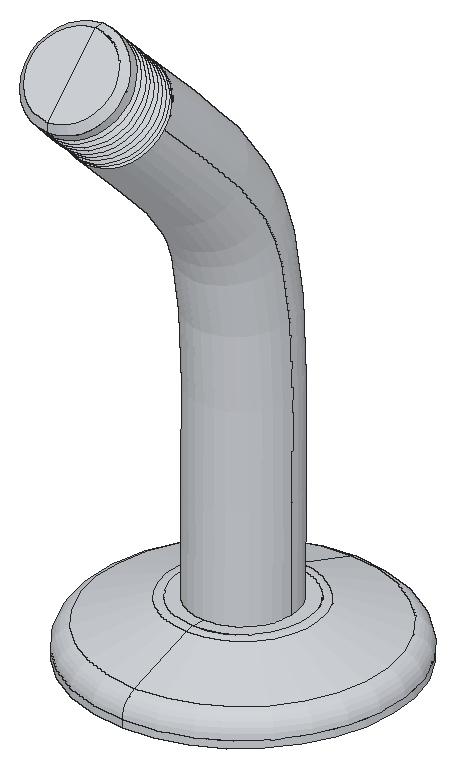
Revit family "Shower-Showerarm-KOHLER-K-11626T_1", category Plumbing Fixtures, host Face, Revit 2017
Family settings
  Host = Face
  Round Connector Dimension = Use Diameter
  Part Type = Normal
  OmniClass Number = 23.40.20.21
  OmniClass Title = Toilet and Bath Specialties
  Cut with Voids When Loaded = No
  Shared = No
  Room Calculation Point = No
Parameters (values of type "CP-Polished Chrome")
  Width = 2.51969"  # constant formula
  WaterSense Certified = 1 = 0  # no
  Waste Water Outlet = "Waste Water Outlet"  # constant formula
  Waste Connection = 1 = 0  # no
  Vent Connection = 1 = 0  # no
  URL = "https://www.kohler.com.cn/"
  Type = 1
  Tempered water inlet = "Tempered Water Inlet"  # constant formula
  Product Page URL = "https://www.kohler.com.cn/en/product/K-11626T-CP/K-11626T-CP/"
  Product Name = ""
  Product Documentation Link = "https://files.kohler.com.cn/pdfs/k_11626t.pdf"
  Pressure = 0.00 psi
  Panel Thickness = 0"
  Model = if(Type = 1, "K-11626T-CP", if(Type = 2, "K-11626T-AF", if(Type = 3, "K-11626T-SN", "NA")))  # "K-11626T-CP"
  Material = "Premium Metal Construction"  # constant formula
  Master Format 2014 Name = "Residential Showers"  # constant formula
  Master Format 2014 = "22 42 23"  # constant formula
  Manufacturer Address = "Kohler Beijing Office (100016)36-2-03-B, No. 88, Liuxiang Road, Beijing"  # constant formula
  Manufacturer = "KOHLER Co."  # constant formula
  Length = 5.55118"  # constant formula
  Hot Water Inlet = "Hot Water Inlet"  # constant formula
  Height = 2.51969"  # constant formula
  HW Connection = 1 = 1  # yes
  Flow Rate = 0 GPM
  Finish = Kohler-Metal-CP-Polished_Chrome
  Environmental Product Declaration = ""
  Drain Included = 1 = 0  # no
  Description = "SHOWER ARM W/ROUND FLANGE"  # constant formula
  Default Elevation = 72"
  Declare Label = ""
  Date Modified = "09/16/2020"  # constant formula
  Date Created = "09/16/2020"  # constant formula
  Copyright = "Copyright KOHLER Co."  # constant formula
  Contact Us = "http://www.kohler.com.cn/contact/contact-us/"
  Cold Water Inlet = "Cold Water Inlet"  # constant formula
  CW Connection = 1 = 0  # no
  Assembly Code = "D2010700"
  ADA Compliant = 1 = 0  # no
Types (4): name | Type | Product Page URL | Model | Finish
  (no name) | 1 | "https://www.kohler.com.cn/en/product/K-11626T-CP/K-11626T-CP/" | "K-11626T-CP" | Kohler-Metal-CP-Polished_Chrome
  CP-Polished Chrome | 1 | "https://www.kohler.com.cn/en/product/K-11626T-CP/K-11626T-CP/" | "K-11626T-CP" | Kohler-Metal-CP-Polished_Chrome
  AF-French Gold | 2 | "https://www.kohler.com.cn/en/product/K-11626T-CP/K-11626T-AF/" | "K-11626T-AF" | Kohler-Metal-AF-Vibrant_French_Gold
  SN-Polished Nickel | 3 | "https://www.kohler.com.cn/en/product/K-11626T-CP/K-11626T-SN/" | "K-11626T-SN" | Kohler-Metal-SN-Vibrant_Polished_Nickel
Reference planes (in)
  plane 1 "Center (Front/Back)": y = 0
  plane 2: z = 0
  plane 3 "Center (Left/Right)": x = 0
  plane 4: z = 5.55118
  plane 5: x = 1.26493
  plane 6: x = -1.25475
  plane 7: y = 1.26498
  plane 8: y = -1.25471
  plane 9: y = -1.79709
  plane 10: y = 0.4064
  plane 11: y = -0.41255
  plane 12: y = -2.04458
  plane 13: z = 0.44
  plane 14: x = 0.40944
  plane 15: x = -0.40944
  plane 16: z = 5.79867
Dimensions and locks (in)
  "Width": plane 6 to plane 5
  "Height": plane 8 to plane 7
  plane 1 "Center (Front/Back)" to plane 9 = 1.79709"
  "Length": plane 4 to level
  aligned and locked: plane 2 to host face
  aligned and locked: level to host face
Automatic sketch dimensions
  host sketch curve to host sketch curve = 96"  (x2)
Nested families (in)
  nested 1: "K-11626T" at (0, 0, 0), type "K-11626T"
Connectors (in)
  piping at (0, 0, 0), diameter 0.5, driven by "HW Connection", driven by "Tempered water inlet", driven by "Flow Rate"
    settings: on nested 1, index 1, connector inside diameter 24", connector length 0", flow factor 0, pipe flow 0 GPM, pressure drop 0.00 psi, fitting loss kfactor 0, connector angle 0.00°, fixture units 0, engagement length 0", angle of deflection 0.00°, flow configuration 0, flow direction 1, fitting loss method 0, system type 19, joint type 0, gender type 0, connector reference index -1, connector utility 1, adjustable connector no, is connector primary yes, connector description "Tempered Water Inlet"
Definition of nested family "K-11626T"
  Parameters (values of type "K-11626T")
    Material = none
  Reference planes (in)
    plane 1 "Center (Front/Back)": y = 0
    plane 2: z = 0
    plane 3 "Center (Left/Right)": x = 0
    plane 4: y = -1.79709
    plane 5: z = 5.14171
    plane 6: y = 1.26498
    plane 7: y = -1.26498
    plane 8: z = 0.24398
    plane 9: z = 0.44
    plane 10: z = 5.55118
  Forms (in)
    Revolve 1, solid, material <- "Material", detail levels medium+fine
      sketch origin (0, 0, 0) x (0, 1, 0) y (0, 0, 1)
        loop
          line (0, 0) -> (1.26498, 0) -> (1.26498, 0.05997)
          arc (1.26498, 0.05997) -> (1.22916, 0.17114) -> (1.13518, 0.24049) r 0.19043
          arc (1.13518, 0.24049) -> (0.86335, 0.33305) -> (0.5923, 0.42788) r 34.48646
          arc (0.5923, 0.42788) -> (0.55758, 0.43695) -> (0.52182, 0.44) r 0.21094
          line (0.52182, 0.44) -> (0, 0.44) -> (0, 0)
        axis (0, 0) -> (0, 0.44)
      angle from 0 to 360
    Sweep 2, solid, material <- "Material", detail levels medium+fine
      path origin (0, 0, 0) x (0, 1, 0) y (0, 0, 1)
        loop
          spline (-1.32877, 4.67339) -> (-1.02505, 4.37506) -> (-0.7604, 4.1152) -> (-0.53551, 3.87745) -> (-0.35105, 3.64542) -> (-0.20769, 3.40274) -> (-0.10589, 3.1332) -> (-0.04165, 2.82403) -> (-0.00707, 2.46545) -> (0.00585, 2.0478) -> (0.00515, 1.56139) -> (-0.00116, 0.99657) -> (-0.00504, 0.34367)
      profile origin (0, -0.10589, 3.1332) x (0, 0.961914, 0.273353) y (1, 0, 0)
        loop
          circle (0, 0) r 0.40945
    Revolve 3, solid, material <- "Material", detail levels medium+fine
      sketch origin (0, 0, 0) x (0, 1, 0) y (0, 0, 1)
        loop
          line (-1.79709, 5.14171) -> (-2.04458, 4.89422) -> (-2.04458, 4.81491) -> (-1.98578, 4.75612) -> (-1.92763, 4.77728) -> (-1.9444, 4.71473) -> (-1.87146, 4.72111) -> (-1.89263, 4.66296) -> (-1.83189, 4.68153) -> (-1.85305, 4.62338) -> (-1.79231, 4.64196) -> (-1.80907, 4.5794) -> (-1.74833, 4.59797) -> (-1.76509, 4.53542) -> (-1.70435, 4.55399) -> (-1.72111, 4.49144) -> (-1.66037, 4.51001) -> (-1.67713, 4.44746) -> (-1.62685, 4.47649) -> (-1.64361, 4.41394) -> (-1.56983, 4.43234) -> (-1.32877, 4.67339) -> (-1.79709, 5.14171)
        axis (-1.32877, 4.67339) -> (-1.79709, 5.14171)
      angle from 0 to 360
    Extrusion 4, solid, material <- "Material", detail levels coarse
      sketch origin (0, 0, 0) x (1, 0, 0) y (0, 1, 0)
        loop
          arc (-0.06324, -1.2634) -> (1.26458, -0.03163) -> (0, 1.26498) r 1.26498
          arc (0, 1.26498) -> (-1.26458, 0.03163) -> (-0.06324, -1.2634) r 1.26498
      from 0 to 0.44
    Sweep 5, solid, material <- "Material", detail levels coarse
      path origin (0, 0, 0) x (0, 1, 0) y (0, 0, 1)
        loop
          spline (0, 0.35407) -> (0.00626, 1.1485) -> (0.0167, 1.75544) -> (0.01886, 2.22102) -> (0.00024, 2.59138) -> (-0.05097, 2.91029) -> (-0.14074, 3.20007) -> (-0.27191, 3.47167) -> (-0.44731, 3.73596) -> (-0.67098, 4.00548) -> (-0.95738, 4.307) -> (-1.32618, 4.67442) -> (-1.79709, 5.14171)
      profile origin (0, -0.14074, 3.20007) x (0, -0.930248, -0.36693) y (1, 0, 0)
        loop
          circle (0, 0) r 0.44127
    Extrusion 6, solid, material <- "Material", detail levels medium+fine
      sketch origin (0, 0, 0) x (1, 0, 0) y (0, 1, 0)
        loop
          circle (0, 0) r 0.11752
      from 0 to 0.06019
  Cuts and joins
    joined: Revolve 1, Sweep 2
    joined: Extrusion 4, Sweep 5
  Lines and regions (in)
    Masking region 1
      outline origin (0, 0, 0) x (0, 1, 0) y (0, 0, 1)
        loop
          line (1.26498, 0) -> (1.26498, 0.06028)
          arc (1.26498, 0.06028) -> (1.22954, 0.17059) -> (1.13648, 0.23961) r 0.18938
          arc (1.13648, 0.23961) -> (0.86374, 0.33308) -> (0.59153, 0.42812) r 50.10301
          arc (0.59153, 0.42812) -> (0.5559, 0.43707) -> (0.51935, 0.44084) r 0.2567
          line (0.51935, 0.44084) -> (0.4064, 0.44084) -> (0.4064, 2.89493)
          arc (0.4064, 2.89493) -> (0.21333, 3.85002) -> (-0.33556, 4.65512) r 2.45887
          line (-0.33556, 4.65512) -> (-1.04163, 5.37001) -> (-1.08772, 5.32392) -> (-1.07586, 5.39116) -> (-1.13187, 5.38094) -> (-1.10284, 5.43122) -> (-1.13277, 5.42371) -> (-1.13992, 5.46294) -> (-1.19248, 5.46294) -> (-1.16656, 5.49494) -> (-1.19081, 5.51918) -> (-1.2553, 5.50299) -> (-1.21496, 5.54333) -> (-1.24246, 5.57084) -> (-1.29734, 5.5464) -> (-1.26901, 5.59739) -> (-1.29379, 5.62216) -> (-1.33691, 5.58598) -> (-1.31834, 5.64672) -> (-1.34206, 5.67044) -> (-1.37585, 5.63291) -> (-1.37011, 5.69849) -> (-1.39508, 5.72346) -> (-1.43266, 5.68173) -> (-1.4115, 5.73987) -> (-1.47029, 5.79867) -> (-1.5496, 5.79867) -> (-1.79709, 5.55118) -> (-2.04458, 5.30369) -> (-2.04458, 5.22438) -> (-1.98578, 5.16559) -> (-1.92763, 5.18675) -> (-1.96937, 5.14917) -> (-1.9444, 5.1242) -> (-1.87882, 5.12994) -> (-1.91635, 5.09615) -> (-1.89263, 5.07243) -> (-1.83189, 5.091) -> (-1.86807, 5.04788) -> (-1.84329, 5.0231) -> (-1.79231, 5.05143) -> (-1.81674, 4.99655) -> (-1.78924, 4.96905) -> (-1.7489, 5.00939) -> (-1.76509, 4.9449) -> (-1.74085, 4.92066) -> (-1.70884, 4.94657) -> (-1.70884, 4.89401) -> (-1.66962, 4.88686) -> (-1.67713, 4.85694) -> (-1.62685, 4.88597) -> (-1.63707, 4.82995) -> (-1.56983, 4.84181) -> (-1.61592, 4.79572) -> (-0.88473, 4.06454)
          arc (-0.88473, 4.06454) -> (-0.53475, 3.52567) -> (-0.41214, 2.89493) r 1.6836
          line (-0.41214, 2.89493) -> (-0.41214, 0.44) -> (-0.53361, 0.44)
          arc (-0.53361, 0.44) -> (-0.56292, 0.43573) -> (-0.59153, 0.42812) r 0.2567
          arc (-0.59153, 0.42812) -> (-0.86374, 0.33308) -> (-1.13648, 0.23961) r 50.10301
          arc (-1.13648, 0.23961) -> (-1.22954, 0.17059) -> (-1.26498, 0.06028) r 0.18938
          line (-1.26498, 0.06028) -> (-1.26498, 0) -> (1.26498, 0)
    Masking region 2
      outline origin (0, 0, 0) x (1, 0, 0) y (0, 1, 0)
        loop
          arc (0.40608, -1.19803) -> (1.24813, 0.20578) -> (0, 1.26498) r 1.26498
          arc (0, 1.26498) -> (-1.24813, 0.20578) -> (-0.40608, -1.19803) r 1.26498
          line (-0.40608, -1.19803) -> (-0.40608, -1.75743)
          spline (-0.40608, -1.75743) -> (-0.40261, -1.79491) -> (-0.39224, -1.83175) -> (-0.37517, -1.86732) -> (-0.35168, -1.90101) -> (-0.32217, -1.93224) -> (-0.28714, -1.96048) -> (-0.24721, -1.98524) -> (-0.20304, -2.00611) -> (-0.1554, -2.02272) -> (-0.1051, -2.03479) -> (-0.053, -2.04212) -> (0, -2.04458)
          spline (0, -2.04458) -> (0.053, -2.04212) -> (0.1051, -2.03479) -> (0.1554, -2.02272) -> (0.20304, -2.00611) -> (0.24721, -1.98524) -> (0.28714, -1.96048) -> (0.32217, -1.93224) -> (0.35168, -1.90101) -> (0.37517, -1.86732) -> (0.39224, -1.83175) -> (0.40261, -1.79491) -> (0.40608, -1.75743)
          line (0.40608, -1.75743) -> (0.40608, -1.19803)
    Masking region 3
      outline origin (0, 0, 0) x (1, 0, 0) y (0, 0, 1)
        loop
          line (-1.26493, 0) -> (1.26493, 0) -> (1.26493, 0.06047)
          arc (1.26493, 0.06047) -> (1.22519, 0.17657) -> (1.12264, 0.24398) r 0.18949
          arc (1.12264, 0.24398) -> (0.86325, 0.33534) -> (0.60261, 0.42304) r 19.5699
          arc (0.60261, 0.42304) -> (0.55609, 0.43774) -> (0.50736, 0.44) r 0.18848
          line (0.50736, 0.44) -> (0.40944, 0.44) -> (0.40944, 5.51153)
          arc (0.40944, 5.51153) -> (0.39514, 5.57861) -> (0.36353, 5.63949) r 0.25586
          spline (0.36353, 5.63949) -> (0.34528, 5.66266) -> (0.32408, 5.68455) -> (0.30012, 5.70495) -> (0.2736, 5.72371) -> (0.24474, 5.74066) -> (0.21379, 5.75565) -> (0.18102, 5.76856) -> (0.14671, 5.77927) -> (0.11114, 5.7877) -> (0.07462, 5.79378) -> (0.03747, 5.79744) -> (0, 5.79867)
          spline (0, 5.79867) -> (-0.03747, 5.79744) -> (-0.07462, 5.79378) -> (-0.11114, 5.7877) -> (-0.14671, 5.77927) -> (-0.18102, 5.76856) -> (-0.21379, 5.75565) -> (-0.24474, 5.74066) -> (-0.2736, 5.72371) -> (-0.30012, 5.70495) -> (-0.32408, 5.68455) -> (-0.34528, 5.66266) -> (-0.36353, 5.63949)
          arc (-0.36353, 5.63949) -> (-0.39514, 5.57861) -> (-0.40944, 5.51153) r 0.25586
          line (-0.40944, 5.51153) -> (-0.40944, 0.44) -> (-0.50736, 0.44)
          arc (-0.50736, 0.44) -> (-0.55609, 0.43774) -> (-0.60261, 0.42304) r 0.18848
          arc (-0.60261, 0.42304) -> (-0.86325, 0.33534) -> (-1.12264, 0.24398) r 19.5699
          arc (-1.12264, 0.24398) -> (-1.22519, 0.17657) -> (-1.26493, 0.06047) r 0.18949
          line (-1.26493, 0.06047) -> (-1.26493, 0)
    symbolic lines, detail levels medium+fine
      curve 1: line (0, -1.1236, 0.24398) -> (0, 1.1236, 0.24398)
      curve 2: line (0, 0.4064, 0.44084) -> (0, -0.41214, 0.44084)
      curve 3: arc (-0.40608, -0.30415, 0) -> (-0.45372, 0.22704, 0) -> (0, 0.50736, 0) r 0.50736
      curve 4: arc (0, 0.50736, 0) -> (0.45372, 0.22704, 0) -> (0.40608, -0.30415, 0) r 0.50736
      curve 5: arc (0.40608, 0, 0) -> (0, 0.40608, 0) -> (-0.40608, 0, 0) r 0.40608
      curve 6: line (-0.40608, 0, 0) -> (-0.40608, -1.19803, 0)
      curve 7: line (0.40608, 0, 0) -> (0.40608, -1.19803, 0)
      curve 8: spline (0, -1.5496, 0) -> (-0.09059, -1.55804, 0) -> (-0.175, -1.58276, 0) -> (-0.24749, -1.62209, 0) -> (-0.30311, -1.67335, 0) -> (-0.33807, -1.73304, 0) -> (-0.35, -1.79709, 0) -> (-0.33807, -1.86114, 0) -> (-0.30311, -1.92083, 0) -> (-0.24749, -1.97209, 0) -> (-0.175, -2.01142, 0) -> (-0.09059, -2.03614, 0) -> (0, -2.04458, 0)
      curve 9: spline (0, -2.04458, 0) -> (0.09059, -2.03614, 0) -> (0.175, -2.01142, 0) -> (0.24749, -1.97209, 0) -> (0.30311, -1.92083, 0) -> (0.33807, -1.86114, 0) -> (0.35, -1.79709, 0) -> (0.33807, -1.73304, 0) -> (0.30311, -1.67335, 0) -> (0.24749, -1.62209, 0) -> (0.175, -1.58276, 0) -> (0.09059, -1.55804, 0) -> (0, -1.5496, 0)
      curve 10: spline (0.40503, -1.67795, 0) -> (0.39823, -1.64243, 0) -> (0.38522, -1.60779, 0) -> (0.36622, -1.57457, 0) -> (0.34151, -1.54328, 0) -> (0.31148, -1.51441, 0) -> (0.2766, -1.48841, 0) -> (0.23741, -1.46568, 0) -> (0.19453, -1.44659, 0) -> (0.14861, -1.43142, 0) -> (0.10038, -1.42041, 0) -> (0.05058, -1.41373, 0) -> (0, -1.4115, 0)
      curve 11: spline (0.40503, -1.67795, 0) -> (0.40523, -1.63866, 0) -> (0.39785, -1.59973, 0) -> (0.38302, -1.56187, 0) -> (0.36103, -1.5258, 0) -> (0.33228, -1.49219, 0) -> (0.29731, -1.46166, 0) -> (0.25678, -1.4348, 0) -> (0.21144, -1.4121, 0) -> (0.16214, -1.39399, 0) -> (0.10981, -1.38081, 0) -> (0.05542, -1.3728, 0) -> (0, -1.37011, 0)
      curve 12: spline (0.40489, -1.54392, 0) -> (0.39789, -1.50853, 0) -> (0.38473, -1.47404, 0) -> (0.36562, -1.44096, 0) -> (0.34085, -1.40982, 0) -> (0.31079, -1.3811, 0) -> (0.27593, -1.35524, 0) -> (0.23679, -1.33264, 0) -> (0.19399, -1.31365, 0) -> (0.14818, -1.29857, 0) -> (0.10008, -1.28762, 0) -> (0.05043, -1.28099, 0) -> (0, -1.27877, 0)
      curve 13: spline (0.40443, -1.63137, 0) -> (0.40561, -1.59166, 0) -> (0.39903, -1.55222, 0) -> (0.38482, -1.5138, 0) -> (0.36325, -1.47713, 0) -> (0.33473, -1.44292, 0) -> (0.29981, -1.41181, 0) -> (0.25915, -1.38441, 0) -> (0.21353, -1.36124, 0) -> (0.16383, -1.34275, 0) -> (0.11099, -1.32928, 0) -> (0.05603, -1.32109, 0) -> (0, -1.31834, 0)
      curve 14: spline (0.40489, -1.54392, 0) -> (0.40534, -1.50453, 0) -> (0.39815, -1.46547, 0) -> (0.38348, -1.42747, 0) -> (0.36159, -1.39125, 0) -> (0.33289, -1.35749, 0) -> (0.29794, -1.32682, 0) -> (0.25737, -1.29982, 0) -> (0.21196, -1.277, 0) -> (0.16256, -1.2588, 0) -> (0.1101, -1.24554, 0) -> (0.05558, -1.23749, 0) -> (0, -1.23479, 0)
      curve 15: spline (0.40489, -1.45596, 0) -> (0.39789, -1.42057, 0) -> (0.38473, -1.38608, 0) -> (0.36562, -1.353, 0) -> (0.34085, -1.32186, 0) -> (0.31079, -1.29314, 0) -> (0.27593, -1.26728, 0) -> (0.23679, -1.24468, 0) -> (0.19399, -1.22569, 0) -> (0.14818, -1.21061, 0) -> (0.10008, -1.19966, 0) -> (0.05043, -1.19303, 0) -> (0, -1.19081, 0)
      curve 16: spline (0.40489, -1.45596, 0) -> (0.40534, -1.41657, 0) -> (0.39815, -1.37751, 0) -> (0.38348, -1.33951, 0) -> (0.36159, -1.30329, 0) -> (0.33289, -1.26952, 0) -> (0.29794, -1.23886, 0) -> (0.25737, -1.21186, 0) -> (0.21196, -1.18904, 0) -> (0.16256, -1.17084, 0) -> (0.1101, -1.15758, 0) -> (0.05558, -1.14953, 0) -> (0, -1.14682, 0)
      curve 17: spline (0.40539, -1.37323, 0) -> (0.39919, -1.33733, 0) -> (0.38667, -1.30226, 0) -> (0.36801, -1.26859, 0) -> (0.34351, -1.23685, 0) -> (0.31356, -1.20753, 0) -> (0.27864, -1.18111, 0) -> (0.23929, -1.158, 0) -> (0.19616, -1.13857, 0) -> (0.14991, -1.12313, 0) -> (0.10128, -1.11192, 0) -> (0.05104, -1.10512, 0) -> (0, -1.10284, 0)
      curve 18: arc (0, -1.04163, 0) -> (-0.15261, -1.05865, 0) -> (-0.29105, -1.12509, 0) r 0.45855
      curve 19: arc (-0.29105, -1.12509, 0) -> (-0.3452, -1.17514, 0) -> (-0.3846, -1.23747, 0) r 0.28346
      curve 20: spline (0, -1.06932, 0) -> (-0.04499, -1.06884, 0) -> (-0.08962, -1.0721, 0) -> (-0.13335, -1.07905, 0) -> (-0.17563, -1.08963, 0) -> (-0.21595, -1.10369, 0) -> (-0.25381, -1.12106, 0) -> (-0.28875, -1.14154, 0) -> (-0.32033, -1.16486, 0) -> (-0.34818, -1.19074, 0) -> (-0.37193, -1.21887, 0) -> (-0.39131, -1.24889, 0) -> (-0.40608, -1.28045, 0)
      curve 21: spline (0, -1.10284, 0) -> (-0.05558, -1.10555, 0) -> (-0.1101, -1.1136, 0) -> (-0.16256, -1.12686, 0) -> (-0.21196, -1.14506, 0) -> (-0.25737, -1.16788, 0) -> (-0.29794, -1.19488, 0) -> (-0.33289, -1.22554, 0) -> (-0.36159, -1.25931, 0) -> (-0.38348, -1.29553, 0) -> (-0.39815, -1.33353, 0) -> (-0.40534, -1.37259, 0) -> (-0.40489, -1.41198, 0)
      curve 22: spline (0, -1.14682, 0) -> (-0.05558, -1.14953, 0) -> (-0.1101, -1.15758, 0) -> (-0.16256, -1.17084, 0) -> (-0.21196, -1.18904, 0) -> (-0.25737, -1.21186, 0) -> (-0.29794, -1.23886, 0) -> (-0.33289, -1.26952, 0) -> (-0.36159, -1.30329, 0) -> (-0.38348, -1.33951, 0) -> (-0.39815, -1.37751, 0) -> (-0.40534, -1.41657, 0) -> (-0.40489, -1.45596, 0)
      curve 23: spline (0, -1.19081, 0) -> (-0.05043, -1.19303, 0) -> (-0.10008, -1.19966, 0) -> (-0.14818, -1.21061, 0) -> (-0.19399, -1.22569, 0) -> (-0.23679, -1.24468, 0) -> (-0.27593, -1.26728, 0) -> (-0.31079, -1.29314, 0) -> (-0.34085, -1.32186, 0) -> (-0.36562, -1.353, 0) -> (-0.38473, -1.38608, 0) -> (-0.39789, -1.42057, 0) -> (-0.40489, -1.45596, 0)
      curve 24: spline (-0.40503, -1.67795, 0) -> (-0.39823, -1.64243, 0) -> (-0.38522, -1.60779, 0) -> (-0.36622, -1.57457, 0) -> (-0.34151, -1.54328, 0) -> (-0.31148, -1.51441, 0) -> (-0.2766, -1.48841, 0) -> (-0.23741, -1.46568, 0) -> (-0.19453, -1.44659, 0) -> (-0.14861, -1.43142, 0) -> (-0.10038, -1.42041, 0) -> (-0.05058, -1.41373, 0) -> (0, -1.4115, 0)
      curve 25: spline (-0.40503, -1.67795, 0) -> (-0.40523, -1.63866, 0) -> (-0.39785, -1.59973, 0) -> (-0.38302, -1.56187, 0) -> (-0.36103, -1.5258, 0) -> (-0.33228, -1.49219, 0) -> (-0.29731, -1.46166, 0) -> (-0.25678, -1.4348, 0) -> (-0.21144, -1.4121, 0) -> (-0.16214, -1.39399, 0) -> (-0.10981, -1.38081, 0) -> (-0.05542, -1.3728, 0) -> (0, -1.37011, 0)
      curve 26: spline (-0.40489, -1.54392, 0) -> (-0.39789, -1.50853, 0) -> (-0.38473, -1.47404, 0) -> (-0.36562, -1.44096, 0) -> (-0.34085, -1.40982, 0) -> (-0.31079, -1.3811, 0) -> (-0.27593, -1.35524, 0) -> (-0.23679, -1.33264, 0) -> (-0.19399, -1.31365, 0) -> (-0.14818, -1.29857, 0) -> (-0.10008, -1.28762, 0) -> (-0.05043, -1.28099, 0) -> (0, -1.27877, 0)
      curve 27: spline (-0.40443, -1.63137, 0) -> (-0.40561, -1.59166, 0) -> (-0.39903, -1.55222, 0) -> (-0.38482, -1.5138, 0) -> (-0.36325, -1.47713, 0) -> (-0.33473, -1.44292, 0) -> (-0.29981, -1.41181, 0) -> (-0.25915, -1.38441, 0) -> (-0.21353, -1.36124, 0) -> (-0.16383, -1.34275, 0) -> (-0.11099, -1.32928, 0) -> (-0.05603, -1.32109, 0) -> (0, -1.31834, 0)
      curve 28: spline (-0.40489, -1.54392, 0) -> (-0.40534, -1.50453, 0) -> (-0.39815, -1.46547, 0) -> (-0.38348, -1.42747, 0) -> (-0.36159, -1.39125, 0) -> (-0.33289, -1.35749, 0) -> (-0.29794, -1.32682, 0) -> (-0.25737, -1.29982, 0) -> (-0.21196, -1.277, 0) -> (-0.16256, -1.2588, 0) -> (-0.1101, -1.24554, 0) -> (-0.05558, -1.23749, 0) -> (0, -1.23479, 0)
      curve 29: arc (0, -1.47029, 0) -> (0.25501, -1.5302, 0) -> (0.40608, -1.7442, 0) r 0.36917
      curve 30: arc (0, -1.47029, 0) -> (-0.25501, -1.5302, 0) -> (-0.40608, -1.7442, 0) r 0.36917
      curve 31: line (0.40944, 0, 0.44) -> (-0.40952, 0, 0.44)
      curve 32: arc (0.40608, -1.02968, 0) -> (0, 1.10686, 0) -> (-0.40608, -1.02968, 0) r 1.10686
      curve 33: arc (0, -1.04163, 0) -> (0.15261, -1.05865, 0) -> (0.29105, -1.12509, 0) r 0.45855
      curve 34: arc (0.29105, -1.12509, 0) -> (0.3452, -1.17514, 0) -> (0.3846, -1.23747, 0) r 0.28346
      curve 35: spline (0, -1.06932, 0) -> (0.04499, -1.06884, 0) -> (0.08962, -1.0721, 0) -> (0.13335, -1.07905, 0) -> (0.17563, -1.08963, 0) -> (0.21595, -1.10369, 0) -> (0.25381, -1.12106, 0) -> (0.28875, -1.14154, 0) -> (0.32033, -1.16486, 0) -> (0.34818, -1.19074, 0) -> (0.37193, -1.21887, 0) -> (0.39131, -1.24889, 0) -> (0.40608, -1.28045, 0)
      curve 36: line (1.12264, 0, 0.24398) -> (-1.12264, 0, 0.24398)
      curve 37: line (0, -1.47029, 5.79867) -> (0, -2.04458, 5.22438)
      curve 38: line (0, -1.4115, 5.73987) -> (0, -1.98578, 5.16559)
      curve 39: line (0, -1.43266, 5.68173) -> (0, -1.92763, 5.18675)
      curve 40: line (0, -1.37011, 5.69849) -> (0, -1.9444, 5.1242)
      curve 41: line (0, -1.37585, 5.63291) -> (0, -1.87882, 5.12994)
      curve 42: line (0, -1.31834, 5.64672) -> (0, -1.89263, 5.07243)
      curve 43: line (0, -1.33691, 5.58598) -> (0, -1.83189, 5.091)
      curve 44: line (0, -1.29734, 5.5464) -> (0, -1.79231, 5.05143)
      curve 45: line (0, -1.25865, 5.50215) -> (0, -1.7489, 5.00939)
      curve 46: line (0, -1.19081, 5.51918) -> (0, -1.76509, 4.9449)
      curve 47: line (0, -1.13992, 5.46294) -> (0, -1.70884, 4.89401)
      curve 48: line (0, -1.13277, 5.42371) -> (0, -1.66962, 4.88686)
      curve 49: line (0, -1.13187, 5.38094) -> (0, -1.62685, 4.88597)
      curve 50: line (0, -1.07586, 5.39116) -> (0, -1.63707, 4.82995)
      curve 51: line (0, -1.61592, 4.79572) -> (0, -1.04163, 5.37001)
      curve 52: line (0, -1.19232, 5.4631) -> (0, -1.70884, 4.94657)
      curve 53: spline (0.40608, 0, 5.08287) -> (0.40607, 0, 5.08542) -> (0.40602, 0, 5.08798) -> (0.40594, 0, 5.09053) -> (0.40582, 0, 5.09309) -> (0.40568, 0, 5.09564) -> (0.4055, 0, 5.09819) -> (0.40529, 0, 5.10074) -> (0.40505, 0, 5.10329) -> (0.40478, 0, 5.10584) -> (0.40447, 0, 5.10839) -> (0.40414, 0, 5.11093) -> (0.40377, 0, 5.11347)
      curve 54: spline (0.40503, 0, 5.43204) -> (0.40523, 0, 5.47132) -> (0.39785, 0, 5.51025) -> (0.38302, 0, 5.54811) -> (0.36103, 0, 5.58418) -> (0.33228, 0, 5.61779) -> (0.29731, 0, 5.64832) -> (0.25678, 0, 5.67518) -> (0.21144, 0, 5.69788) -> (0.16214, 0, 5.71599) -> (0.10981, 0, 5.72918) -> (0.05542, 0, 5.73719) -> (0, 0, 5.73987)
      curve 55: spline (0.40503, 0, 5.43204) -> (0.39823, 0, 5.46755) -> (0.38522, 0, 5.50219) -> (0.36622, 0, 5.53541) -> (0.34151, 0, 5.5667) -> (0.31148, 0, 5.59557) -> (0.2766, 0, 5.62157) -> (0.23741, 0, 5.6443) -> (0.19453, 0, 5.6634) -> (0.14861, 0, 5.67857) -> (0.10038, 0, 5.68958) -> (0.05058, 0, 5.69625) -> (0, 0, 5.69849)
      curve 56: spline (0.40608, 0, 5.35979) -> (0.40257, 0, 5.39725) -> (0.39218, 0, 5.43406) -> (0.37508, 0, 5.46961) -> (0.35158, 0, 5.50327) -> (0.32206, 0, 5.53448) -> (0.28704, 0, 5.56269) -> (0.24711, 0, 5.58744) -> (0.20295, 0, 5.60828) -> (0.15533, 0, 5.62488) -> (0.10505, 0, 5.63694) -> (0.05298, 0, 5.64427) -> (0, 0, 5.64672)
      curve 57: spline (0.40489, 0, 5.29801) -> (0.40534, 0, 5.3374) -> (0.39815, 0, 5.37646) -> (0.38348, 0, 5.41446) -> (0.36159, 0, 5.45068) -> (0.33289, 0, 5.48444) -> (0.29794, 0, 5.51511) -> (0.25737, 0, 5.54211) -> (0.21196, 0, 5.56492) -> (0.16256, 0, 5.58313) -> (0.1101, 0, 5.59639) -> (0.05558, 0, 5.60444) -> (0, 0, 5.60714)
      curve 58: spline (0.40489, 0, 5.29801) -> (0.39789, 0, 5.33339) -> (0.38473, 0, 5.36789) -> (0.36562, 0, 5.40097) -> (0.34085, 0, 5.43211) -> (0.31079, 0, 5.46083) -> (0.27593, 0, 5.48669) -> (0.23679, 0, 5.50929) -> (0.19399, 0, 5.52828) -> (0.14818, 0, 5.54336) -> (0.10008, 0, 5.5543) -> (0.05043, 0, 5.56094) -> (0, 0, 5.56316)
      curve 59: spline (0.40489, 0, 5.21005) -> (0.40534, 0, 5.24944) -> (0.39815, 0, 5.2885) -> (0.38348, 0, 5.3265) -> (0.36159, 0, 5.36272) -> (0.33289, 0, 5.39648) -> (0.29794, 0, 5.42715) -> (0.25737, 0, 5.45415) -> (0.21196, 0, 5.47696) -> (0.16256, 0, 5.49517) -> (0.1101, 0, 5.50843) -> (0.05558, 0, 5.51648) -> (0, 0, 5.51918)
      curve 60: spline (0.40489, 0, 5.21005) -> (0.39789, 0, 5.24543) -> (0.38473, 0, 5.27993) -> (0.36562, 0, 5.31301) -> (0.34085, 0, 5.34415) -> (0.31079, 0, 5.37287) -> (0.27593, 0, 5.39873) -> (0.23679, 0, 5.42133) -> (0.19399, 0, 5.44032) -> (0.14818, 0, 5.4554) -> (0.10008, 0, 5.46634) -> (0.05043, 0, 5.47298) -> (0, 0, 5.4752)
      curve 61: spline (0.40561, 0, 5.09671) -> (0.40456, 0, 5.13542) -> (0.39615, 0, 5.17367) -> (0.38055, 0, 5.21077) -> (0.35802, 0, 5.24606) -> (0.32899, 0, 5.27888) -> (0.29398, 0, 5.30864) -> (0.25363, 0, 5.3348) -> (0.20867, 0, 5.35689) -> (0.15991, 0, 5.3745) -> (0.10825, 0, 5.38731) -> (0.05462, 0, 5.39509) -> (0, 0, 5.3977)
      curve 62: spline (-0.40503, 0, 5.43204) -> (-0.40523, 0, 5.47132) -> (-0.39785, 0, 5.51025) -> (-0.38302, 0, 5.54811) -> (-0.36103, 0, 5.58418) -> (-0.33228, 0, 5.61779) -> (-0.29731, 0, 5.64832) -> (-0.25678, 0, 5.67518) -> (-0.21144, 0, 5.69788) -> (-0.16214, 0, 5.71599) -> (-0.10981, 0, 5.72918) -> (-0.05542, 0, 5.73719) -> (0, 0, 5.73987)
      curve 63: spline (-0.40503, 0, 5.43204) -> (-0.39823, 0, 5.46755) -> (-0.38522, 0, 5.50219) -> (-0.36622, 0, 5.53541) -> (-0.34151, 0, 5.5667) -> (-0.31148, 0, 5.59557) -> (-0.2766, 0, 5.62157) -> (-0.23741, 0, 5.6443) -> (-0.19453, 0, 5.6634) -> (-0.14861, 0, 5.67857) -> (-0.10038, 0, 5.68958) -> (-0.05058, 0, 5.69625) -> (0, 0, 5.69849)
      curve 64: spline (-0.40608, 0, 5.35979) -> (-0.40257, 0, 5.39725) -> (-0.39218, 0, 5.43406) -> (-0.37508, 0, 5.46961) -> (-0.35158, 0, 5.50327) -> (-0.32206, 0, 5.53448) -> (-0.28704, 0, 5.56269) -> (-0.24711, 0, 5.58744) -> (-0.20295, 0, 5.60828) -> (-0.15533, 0, 5.62488) -> (-0.10505, 0, 5.63694) -> (-0.05298, 0, 5.64427) -> (0, 0, 5.64672)
      curve 65: spline (-0.40489, 0, 5.29801) -> (-0.40534, 0, 5.3374) -> (-0.39815, 0, 5.37646) -> (-0.38348, 0, 5.41446) -> (-0.36159, 0, 5.45068) -> (-0.33289, 0, 5.48444) -> (-0.29794, 0, 5.51511) -> (-0.25737, 0, 5.54211) -> (-0.21196, 0, 5.56492) -> (-0.16256, 0, 5.58313) -> (-0.1101, 0, 5.59639) -> (-0.05558, 0, 5.60444) -> (0, 0, 5.60714)
      curve 66: spline (-0.40489, 0, 5.29801) -> (-0.39789, 0, 5.33339) -> (-0.38473, 0, 5.36789) -> (-0.36562, 0, 5.40097) -> (-0.34085, 0, 5.43211) -> (-0.31079, 0, 5.46083) -> (-0.27593, 0, 5.48669) -> (-0.23679, 0, 5.50929) -> (-0.19399, 0, 5.52828) -> (-0.14818, 0, 5.54336) -> (-0.10008, 0, 5.5543) -> (-0.05043, 0, 5.56094) -> (0, 0, 5.56316)
      curve 67: spline (-0.40608, 0, 5.23188) -> (-0.40263, 0, 5.26938) -> (-0.39229, 0, 5.30623) -> (-0.37523, 0, 5.34182) -> (-0.35175, 0, 5.37552) -> (-0.32224, 0, 5.40677) -> (-0.28722, 0, 5.43502) -> (-0.24728, 0, 5.45981) -> (-0.2031, 0, 5.48069) -> (-0.15545, 0, 5.49731) -> (-0.10514, 0, 5.50939) -> (-0.05302, 0, 5.51672) -> (0, 0, 5.51918)
      curve 68: spline (-0.40489, 0, 5.16607) -> (-0.40534, 0, 5.20546) -> (-0.39815, 0, 5.24452) -> (-0.38348, 0, 5.28252) -> (-0.36159, 0, 5.31874) -> (-0.33289, 0, 5.3525) -> (-0.29794, 0, 5.38317) -> (-0.25737, 0, 5.41017) -> (-0.21196, 0, 5.43298) -> (-0.16256, 0, 5.45119) -> (-0.1101, 0, 5.46445) -> (-0.05558, 0, 5.4725) -> (0, 0, 5.4752)
      curve 69: spline (-0.40489, 0, 5.16607) -> (-0.3827, 0, 5.2401) -> (-0.33394, 0, 5.30746) -> (-0.26198, 0, 5.36347) -> (-0.17182, 0, 5.40425) -> (-0.06974, 0, 5.42696) -> (0.0372, 0, 5.43001) -> (0.14154, 0, 5.41321) -> (0.23606, 0, 5.37772) -> (0.31418, 0, 5.326) -> (0.37048, 0, 5.26164) -> (0.40105, 0, 5.18912) -> (0.40377, 0, 5.11347)
      curve 70: spline (-0.40608, 0, 5.08287) -> (-0.39266, 0, 5.15607) -> (-0.3533, 0, 5.22443) -> (-0.29058, 0, 5.28344) -> (-0.20867, 0, 5.3292) -> (-0.11296, 0, 5.35867) -> (-0.00979, 0, 5.36992) -> (0.09402, 0, 5.36221) -> (0.19163, 0, 5.33603) -> (0.27657, 0, 5.29312) -> (0.34323, 0, 5.23631) -> (0.38722, 0, 5.16937) -> (0.40561, 0, 5.09671)
      curve 71: spline (-0.40608, 0, 5.11056) -> (-0.40261, 0, 5.14804) -> (-0.39224, 0, 5.18488) -> (-0.37517, 0, 5.22044) -> (-0.35168, 0, 5.25413) -> (-0.32217, 0, 5.28536) -> (-0.28714, 0, 5.3136) -> (-0.24721, 0, 5.33836) -> (-0.20304, 0, 5.35923) -> (-0.1554, 0, 5.37584) -> (-0.1051, 0, 5.38792) -> (-0.053, 0, 5.39524) -> (0, 0, 5.3977)
  Dimensions and locks (in)
    locked: plane 1 "Center (Front/Back)" to plane 4 at 1.79709
    locked: plane 5 to level at 5.14171
    locked: plane 6 to plane 7 at 2.52996
    plane 10 to level = 5.55118"
    plane 4 to plane 1 "Center (Front/Back)" = 1.79709"
    aligned and locked: plane 2 to level
